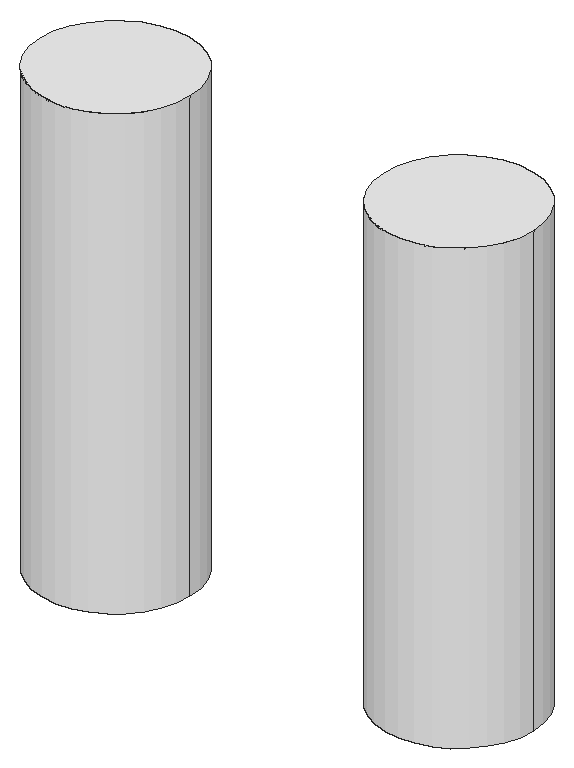
Revit family "65412009", category Plumbing Fixtures, Revit 2018
Family settings
  Round Connector Dimension = Use Diameter
  Part Type = Normal
  OmniClass Number = 23.45.55.00
  OmniClass Title = Sanitary Faucets, Wastes
  Work Plane-Based = No
  Always vertical = Yes
  Cut with Voids When Loaded = No
  Shared = No
  Room Calculation Point = No
Parameters (values of type "65412009 Washbasin faucet, 9/12 V, Bluetooth ")
  WorkingPressure = "50 - 1000 kPa"
  Working Pressure = "50 - 1000 kPa"
  WarrantyStartDate [instance] = "n/a"
  WarrantyGuarantorParts = "n/a"
  WarrantyGuarantorLabor = "n/a"
  WarrantyDurationUnit = "Year"
  WarrantyDurationParts = "n/a"
  WarrantyDurationLabor = "n/a"
  WarrantyDescription = "http://warranty.hansa.com"
  Warranty Information URL = "http://warranty.hansa.com"
  VersionDate = "01/07/2022"
  Version = "3"
  ValvePattern = "n/a"
  ValveOperation = "n/a"
  ValveMechanism = "n/a"
  Uniclass2015Reference = "Pr_40_20_87_96"
  Uniclass2015Description = "Washbasin manual water supply sets"
  Uniclass2 = "Pr_40_30_96_96"
  URL WEEE = "http://www.hansa.com/fileadmin/resources/153036_WEEE.pdf"
  URL REACH = "http://static.hansa.com/doc/reach"
  URL Declaration of Conformity = "http://static.hansa.com/DoC/65412009"
  URL = ""
  UNSPSC Class Number = "30181700 Faucets or taps"
  TestPressure = "n/a"
  Temperature Adjustments = "Adjustable hot water stop (included, retrofittable)"
  Temperature = "Temperature limiter (retrofittable)"
  Technical DataSheet URL = "http://www.hansa.com/datasheet/65412009/en"
  TagNumber [instance] = "n/a"
  SustainabilityPerformance = "n/a"
  Surface treatment = "Chrome"
  Spout Type = "Fixed spout"
  Spout Projection = "85 mm"
  Spare-Part Information URL = "http://static.hansa.com/sp/65412009"
  Size = "70x135x125 mm"
  Shape = "Sculptured"
  SerialNumber [instance] = "n/a"
  Sales Package dimensions (LxWxH) = "290 x 210 x 90"
  Revision = "2"
  ReplacementCost = "n/a"
  Protection Class = "IP 55 / transformer IP 20"
  ProductInformation = "n/a"
  Product URL = "http://static.hansa.com/65412009"
  Product Image URL = "http://static.hansa.com/image/65412009"
  Product Family = "HANSAFIT Eco+"
  Product Code = "65412009"
  OperatingMechanismMaterial = "n/a"
  Operating Voltage = 912 V
  Operating Distance = "20-130 mm (110/130/160 mm)"
  NominalWidth = 69.5 mm
  NominalHeight = 125 mm
  NominalDepth = 135 mm
  Name_en = "65412009 Washbasin faucet, 9/12 V, Bluetooth"
  Name = "65412009 Washbasin faucet, 9/12 V, Bluetooth"
  NBSReference = "45-35-70/371"
  NBSDescription = "Water supply fittings for wash basins and troughs"
  Mounting Holes = "1 hole"
  ModelReference = "65412009"
  ModelNumber = "n/a"
  Model = "65412009 Washbasin faucet, 9/12 V, Bluetooth"
  Mobile Product Information URL = "http://mpi.hansa.com/65412009"
  Mechanical Parts = "Mixing valve for manual temperature control;Non-return valve(s);Litter filter(s)"
  Max. Hot Water Supply = 70 °C
  Max Flow Period = "2 min (1 - 1800 s)"
  Material = "Brass"
  Market = "International;Germany;Austria;Belgium;Netherlands;France;Czech Republic;Slovakia;Italy;Spain"
  ManufacturerURL = "http://www.hansa.com"
  ManufacturerName = "HANSA"
  Manufacturer = "HANSA"
  Lever Handle = "Temperature control handle"
  Interactive AR View URL = "https://static.hansa.com/AR/65412009"
  InstallationDate [instance] = "n/a"
  Installation and Maintenance Guide URL = "http://static.hansa.com/manual/65412009"
  Installation Type = "Deck mounted"
  InletConnectionSize = 10 mm
  IfcExportType = "FAUCET"  # constant formula
  IfcExportAs = "IfcValveType"  # constant formula
  Group = "Washbasin faucet"
  Grade = "n/a"
  FlowCoefficient = 0
  Flow Rate At 300kPa With Flow Controller = 0.08 L/s
  Flow Drawing URL = "http://static.hansa.com/flowchart/65412009"
  Finish = "Polished"
  Features = "Touchless;Bluetooth®;Plug transformer"
  FaucetMainMaterial = Brass
  FDV Document URL = "http://www.hansa.com/datasheet/65412009/en/fdv"
  ExpectedLife = "n/a"
  Excluded Items = "Without pop-up waste;Without draw-rod opening"
  Electronic Parts = "Autofocus infrared sensor;Solenoid valve;Power supply"
  Electrical Connection = "230 / 9 V"
  ETIM Class Number = "EC010340 Electronic tap"
  EN Standard = "EN 15091"
  EMC Directive = "2014/53/EU , 2011/65/EU"
  EAN Number = "4057304014154"
  DurationUnit = "Year"
  Dimension Drawing URL = "http://static.hansa.com/dimdrw/65412009"
  Description = ""
  DefaultElevation [instance] = 900 mm
  Constituents = "Single lever"
  Connection Size = "G3/8"
  Connection = "Flexible inlet pipes"
  Color = "Chrome"
  CodePerformance = "n/a"
  CloseOffRating = 0
  Category = "Bathroom;Public & Semi-public"
  Catalog Drawing URL = "http://static.hansa.com/catdrw/65412009"
  Brand = "HANSA"
  BodyMaterial = "Brass"
  Bluetooth = "4.x"
  Barcode [instance] = "n/a"
  Backflow Prevention EN1717 = "AA"
  BIMObjectName = "65412009"
  Automatic Flush Period = "30 s (1-1800 s)"
  Automatic Flush Frequency = "off (off/1-120 h)"
  Author = "BIMStone"
  AssetType = "Fixed"
  AssetIdentifier [instance] = "n/a"
  Afterflow Period = "3 s (1-20 s)"
  Aerator = "Hidden aerator"
  Advanced Features = "Software settings adjustable via App"
  AccessibilityPerformance = "n/a"
  3D View = "https://static.hansa.com/3D/65412009"
  2D/3D/BIM Files URL = "http://static.hansa.com/bim/65412009"
Reference planes
  plane 1 "Center (Front/Back)": y = 0
  plane 2: z = 0
  plane 3 "Center (Left/Right)": x = 0
  plane 4: x = -30
  plane 5: z = 1025
  plane 6: z = 900
  plane 7: z = 870
  plane 8: y = -135
  plane 9: x = 30
  plane 10: x = 39.5
Forms (mm)
  Extrusion 1, solid, material "Brass" <- "FaucetMainMaterial"
    sketch origin (0, -7.523, 0) x (1, 0, 0) y (0, 1, 0)
      loop
        circle (-11.5, -22.5) r 5
      loop
        circle (11.5, -22.5) r 5
    from 870 to 900
Dimensions and locks
  "NominalHeight": plane 5 to plane 6
  "DefaultElevation": plane 6 to level
  locked: plane 6 to plane 7 at 30
  "NominalDepth": plane 8 to plane 1 "Center (Front/Back)"
  equal spacing: plane 4, plane 3 "Center (Left/Right)", plane 9
  "NominalWidth": plane 4 to plane 10
  locked: plane 9 to plane 10 at 9.5
  "InletConnectionSize": diameter of Extrusion 1 sketch curve  (x2)
  aligned and locked: level to plane 2
  aligned and locked: plane 6 to Extrusion 1
  aligned and locked: Extrusion 1 to plane 7
  aligned and locked: plane 3 "Center (Left/Right)" to nested 2
  aligned and locked: plane 1 "Center (Front/Back)" to nested 2
  aligned and locked: plane 3 "Center (Left/Right)" to nested 1
  aligned and locked: plane 1 "Center (Front/Back)" to nested 1
  aligned and locked: nested 2 to plane 6
Automatic sketch dimensions
  Extrusion 1 sketch curve to plane 3 "Center (Left/Right)" = 11.5 mm
  plane 3 "Center (Left/Right)" to Extrusion 1 sketch curve = 11.5 mm
  plane 1 "Center (Front/Back)" to Extrusion 1 sketch curve = 30.023 mm  (x2)
Nested families
  nested 1: "Symbol" at (0, 0, 0), type "Symbol", detail levels coarse
  nested 2: "65412009_p" at (0, 0, 900), Material <- "FaucetMainMaterial", type "65412009_p"
    with Material Brass
Connectors
  piping at (-11.5, -30.023, 870), diameter 10, driven by "InletConnectionSize"
    settings: on Extrusion 1, index 1, connector inside diameter 609.6 mm, connector length 0 mm, flow factor 0, pipe flow 0.08 L/s, pressure drop 0.0 Pa, fitting loss kfactor 0, connector angle 0.00°, fixture units 0, engagement length 0 mm, angle of deflection 0.00°, flow configuration 1, flow direction 1, fitting loss method 0, system type 19, joint type 0, gender type 0, connector reference index -1, connector utility 0, adjustable connector no, is connector primary yes, connector description ""
  piping at (11.5, -30.023, 870), diameter 10, driven by "InletConnectionSize"
    settings: on Extrusion 1, index 2, connector inside diameter 609.6 mm, connector length 0 mm, flow factor 0, pipe flow 0.08 L/s, pressure drop 0.0 Pa, fitting loss kfactor 0, connector angle 0.00°, fixture units 0, engagement length 0 mm, angle of deflection 0.00°, flow configuration 1, flow direction 1, fitting loss method 0, system type 20, joint type 0, gender type 0, connector reference index -1, connector utility 0, adjustable connector no, is connector primary no, connector description ""
Definition of nested family "Symbol"
  Reference planes
    plane 1: y = 0
    plane 2: x = 0
  Lines and regions (mm)
    detail lines
      curve 1: line (0, 0, 0) -> (0, -1.8, 0)
      curve 2: line (-0.4, -1.1, 0) -> (0.4, -1.1, 0)
      curve 3: line (-0.4, -1.4, 0) -> (0.4, -1.4, 0)
      curve 4: line (0.863, 0, 0) -> (-0.863, 0, 0)
      curve 5: circle (-1.163, 0, 0) r 0.3 normal (0, 0, -1)
      curve 6: circle (1.163, 0, 0) r 0.3 normal (0, 0, 1)
Definition of nested family "65412009_p"
  Parameters (values of type "65412009_p")
    Material [instance] = none
  Reference planes
    plane 1 "Center (Front/Back)": y = 0
    plane 2: z = 0
    plane 3 "Center (Left/Right)": x = 0
    plane 4: x = -30
    plane 5: z = 125
    plane 6: x = 39.5
    plane 7: x = 30
    plane 8: y = -135
  Forms (mm)
    Extrusion 1, solid, material <- "Material", detail levels medium
      sketch origin (0, 0, -900) x (0, 1, 0) y (0, 0, 1)
        loop
          line (0, 900) -> (-15.35, 1025) -> (-135, 987.771) -> (-104.1, 966.135) -> (-63.919, 974.771) -> (-60, 900) -> (0, 900)
      from -30 to 30
    Extrusion 2, solid, material <- "Material", detail levels medium
      sketch origin (0, 0, -900) x (0, 1, 0) y (0, 0, 1)
        loop
          arc (-39.299, 920.025) -> (-31.49, 910.287) -> (-23.681, 920.025) r 8
          line (-23.681, 920.025) -> (-27.649, 937.85) -> (-35.332, 937.85) -> (-39.299, 920.025)
      from 30 to 39.5
    Extrusion 3, solid, material <- "Material", detail levels coarse
      sketch origin (0, 0, -900) x (1, 0, 0) y (0, 1, 0)
        loop
          line (-30, 0) -> (-30, -135) -> (39.5, -135) -> (39.5, 0) -> (-30, 0)
      from 900 to 1025
  Cuts and joins
    joined: Extrusion 1, Extrusion 2
  Lines and regions (mm)
    symbolic lines, detail levels medium+fine
      curve 1: spline (13.943, -128.56, 0) -> (12.274, -130.409, 0) -> (10.26, -131.998, 0) -> (7.958, -133.284, 0) -> (5.433, -134.228, 0) -> (2.755, -134.806, 0) -> (0, -135, 0) -> (-2.755, -134.806, 0) -> (-5.433, -134.228, 0) -> (-7.958, -133.284, 0) -> (-10.26, -131.998, 0) -> (-12.274, -130.409, 0) -> (-13.943, -128.56, 0)
      curve 3: line (16.878, -121.158, 0) -> (22.087, -50.302, 0)
      curve 5: spline (16.878, -121.158, 0) -> (16.857, -121.813, 0) -> (16.794, -122.466, 0) -> (16.69, -123.116, 0) -> (16.543, -123.762, 0) -> (16.356, -124.4, 0) -> (16.128, -125.031, 0) -> (15.859, -125.652, 0) -> (15.552, -126.262, 0) -> (15.205, -126.859, 0) -> (14.821, -127.442, 0) -> (14.4, -128.009, 0) -> (13.943, -128.56, 0)
      curve 6: line (-22.087, -50.302, 0) -> (-16.878, -121.158, 0)
      curve 8: arc (22.087, -50.302, 0) -> (25.85, -45.224, 0) -> (28.466, -39.471, 0) r 30
      curve 9: spline (-13.943, -128.56, 0) -> (-14.4, -128.009, 0) -> (-14.821, -127.442, 0) -> (-15.205, -126.859, 0) -> (-15.552, -126.262, 0) -> (-15.859, -125.652, 0) -> (-16.128, -125.031, 0) -> (-16.356, -124.4, 0) -> (-16.543, -123.762, 0) -> (-16.69, -123.116, 0) -> (-16.794, -122.466, 0) -> (-16.857, -121.813, 0) -> (-16.878, -121.158, 0)
      curve 12: line (35.255, -39.471, 0) -> (28.466, -39.471, 0)
      curve 14: arc (29.281, -23.471, 0) -> (-13.889, -3.409, 0) -> (-22.087, -50.302, 0) r 30
      curve 16: spline (35.255, -39.471, 0) -> (36.353, -39.198, 0) -> (37.377, -38.399, 0) -> (38.257, -37.128, 0) -> (38.931, -35.471, 0) -> (39.355, -33.541, 0) -> (39.5, -31.471, 0) -> (39.355, -29.4, 0) -> (38.931, -27.471, 0) -> (38.257, -25.814, 0) -> (37.377, -24.543, 0) -> (36.353, -23.743, 0) -> (35.255, -23.471, 0)
      curve 18: line (29.281, -23.471, 0) -> (35.255, -23.471, 0)
      curve 19: line (-30, 0, 0) -> (30, 0, 0)
      curve 20: line (30, 0, 0) -> (29.204, 0, 10.488)
      curve 21: line (-22.5, 0, 98.82) -> (-30, 0, 0)
      curve 22: spline (22.5, 0, 98.82) -> (21.733, 0, 105.596) -> (19.486, 0, 111.91) -> (15.91, 0, 117.332) -> (11.25, 0, 121.493) -> (5.823, 0, 124.108) -> (0, 0, 125) -> (-5.823, 0, 124.108) -> (-11.25, 0, 121.493) -> (-15.91, 0, 117.332) -> (-19.486, 0, 111.91) -> (-21.733, 0, 105.596) -> (-22.5, 0, 98.82)
      curve 23: line (29.204, 0, 10.488) -> (37.5, 0, 10.488)
      curve 24: line (39.5, 0, 12.488) -> (39.5, 0, 37.221)
      curve 25: line (35.544, 0, 36.534) -> (32.425, 0, 26.331)
      curve 26: line (28.002, 0, 26.331) -> (32.425, 0, 26.331)
      curve 27: line (28.002, 0, 26.331) -> (22.5, 0, 98.82)
      curve 28: arc (37.5, 0, 10.488) -> (38.914, 0, 11.074) -> (39.5, 0, 12.488) r 2
      curve 29: arc (36.151, 0, 37.251) -> (35.774, 0, 36.955) -> (35.544, 0, 36.534) r 1.19
      curve 30: arc (38.767, 0, 37.924) -> (37.423, 0, 37.726) -> (36.151, 0, 37.251) r 6.452
      curve 31: arc (39.5, 0, 37.221) -> (39.284, 0, 37.729) -> (38.767, 0, 37.924) r 0.704
      curve 41: line (0, -0.016, 0) -> (0, -60, 0)
      curve 42: line (0, -60, 0) -> (0, -60.746, 14.227)
      curve 43: line (0, -71.326, 73.179) -> (0, -105.096, 65.921)
      curve 44: line (0, -134.147, 85.872) -> (0, -105.88, 66.079)
      curve 45: line (0, -133.586, 89.423) -> (0, -17.632, 124.95)
      curve 46: line (0, -15.06, 123.28) -> (0, -0.016, 0)
      curve 47: arc (0, -63.528, 67.325) -> (0, -66.059, 72.075) -> (0, -71.326, 73.179) r 6.354
      curve 48: arc (0, -134.147, 85.872) -> (0, -134.975, 87.823) -> (0, -133.586, 89.423) r 2
      curve 49: arc (0, -105.096, 65.921) -> (0, -105.504, 65.918) -> (0, -105.88, 66.079) r 1
      curve 50: arc (0, -17.632, 124.95) -> (0, -15.956, 124.715) -> (0, -15.06, 123.28) r 2
      curve 51: arc (0, -62.05, 39.118) -> (0, -63.158, 35.556) -> (0, -61.684, 32.128) r 5.385
      curve 52: arc (0, -61.112, 21.218) -> (0, -62.215, 17.655) -> (0, -60.746, 14.227) r 5.4
      curve 53: line (0, -61.112, 21.218) -> (0, -61.684, 32.128)
      curve 55: line (0, -62.05, 39.118) -> (0, -63.528, 67.325)
    symbolic lines, detail levels fine
      curve 2: line (-22.477, -44.998, 0) -> (-22.087, -50.302, 0)
      curve 4: spline (22.477, -44.998, 0) -> (21.711, -38.01, 0) -> (19.465, -31.498, 0) -> (15.893, -25.906, 0) -> (11.238, -21.615, 0) -> (5.817, -18.918, 0) -> (0, -17.998, 0) -> (-5.817, -18.918, 0) -> (-11.238, -21.615, 0) -> (-15.893, -25.906, 0) -> (-19.465, -31.498, 0) -> (-21.711, -38.01, 0) -> (-22.477, -44.998, 0)
      curve 7: line (22.087, -50.302, 0) -> (22.477, -44.998, 0)
      curve 10: spline (13.943, -128.56, 0) -> (12.226, -130.213, 0) -> (10.189, -131.629, 0) -> (7.885, -132.771, 0) -> (5.374, -133.609, 0) -> (2.723, -134.12, 0) -> (0, -134.292, 0) -> (-2.723, -134.12, 0) -> (-5.374, -133.609, 0) -> (-7.885, -132.771, 0) -> (-10.189, -131.629, 0) -> (-12.226, -130.213, 0) -> (-13.943, -128.56, 0)
      curve 11: line (27.518, -23.471, 0) -> (29.281, -23.471, 0)
      curve 13: arc (27.518, -23.471, 0) -> (28.244, -31.471, 0) -> (27.518, -39.471, 0) r 44.424
      curve 15: spline (35.255, -23.471, 0) -> (34.156, -23.743, 0) -> (33.132, -24.543, 0) -> (32.253, -25.814, 0) -> (31.578, -27.471, 0) -> (31.154, -29.4, 0) -> (31.009, -31.471, 0) -> (31.154, -33.541, 0) -> (31.578, -35.471, 0) -> (32.253, -37.128, 0) -> (33.132, -38.399, 0) -> (34.156, -39.198, 0) -> (35.255, -39.471, 0)
      curve 17: line (28.466, -39.471, 0) -> (27.518, -39.471, 0)
      curve 32: arc (28.002, 0, 26.331) -> (27.645, 0, 18.337) -> (29.204, 0, 10.488) r 33.318
      curve 33: circle (0, 0, 35.757) r 3.5 normal (0, -1, 0)
      curve 34: circle (0, 0, 17.806) r 3.5 normal (0, -1, 0)
      curve 35: spline (17.5, 0, 77.391) -> (16.904, 0, 80.471) -> (15.155, 0, 83.341) -> (12.374, 0, 85.806) -> (8.75, 0, 87.698) -> (4.529, 0, 88.886) -> (0, 0, 89.292) -> (-4.529, 0, 88.886) -> (-8.75, 0, 87.698) -> (-12.374, 0, 85.806) -> (-15.155, 0, 83.341) -> (-16.904, 0, 80.471) -> (-17.5, 0, 77.391) -> (-16.904, 0, 74.31) -> (-15.155, 0, 71.44) -> (-12.374, 0, 68.975) -> (-8.75, 0, 67.084) -> (-4.529, 0, 65.895) -> (0, 0, 65.489) -> (4.529, 0, 65.895) -> (8.75, 0, 67.084) -> (12.374, 0, 68.975) -> (15.155, 0, 71.44) -> (16.904, 0, 74.31) -> (17.5, 0, 77.391)
      curve 36: spline (16.04, 0, 77.391) -> (15.493, 0, 79.979) -> (13.891, 0, 82.391) -> (11.342, 0, 84.462) -> (8.02, 0, 86.051) -> (4.151, 0, 87.05) -> (0, 0, 87.391) -> (-4.151, 0, 87.05) -> (-8.02, 0, 86.051) -> (-11.342, 0, 84.462) -> (-13.891, 0, 82.391) -> (-15.493, 0, 79.979) -> (-16.04, 0, 77.391) -> (-15.493, 0, 74.802) -> (-13.891, 0, 72.391) -> (-11.342, 0, 70.319) -> (-8.02, 0, 68.73) -> (-4.151, 0, 67.731) -> (0, 0, 67.391) -> (4.151, 0, 67.731) -> (8.02, 0, 68.73) -> (11.342, 0, 70.319) -> (13.891, 0, 72.391) -> (15.493, 0, 74.802) -> (16.04, 0, 77.391)
      curve 37: spline (10.857, 0, 75.766) -> (10.487, 0, 77.3) -> (9.403, 0, 78.73) -> (7.677, 0, 79.958) -> (5.429, 0, 80.9) -> (2.81, 0, 81.492) -> (0, 0, 81.694) -> (-2.81, 0, 81.492) -> (-5.429, 0, 80.9) -> (-7.677, 0, 79.958) -> (-9.403, 0, 78.73) -> (-10.487, 0, 77.3) -> (-10.857, 0, 75.766) -> (-10.487, 0, 74.231) -> (-9.403, 0, 72.801) -> (-7.677, 0, 71.573) -> (-5.429, 0, 70.631) -> (-2.81, 0, 70.039) -> (0, 0, 69.837) -> (2.81, 0, 70.039) -> (5.429, 0, 70.631) -> (7.677, 0, 71.573) -> (9.403, 0, 72.801) -> (10.487, 0, 74.231) -> (10.857, 0, 75.766)
      curve 38: spline (7.476, 0, 75.766) -> (7.221, 0, 76.868) -> (6.474, 0, 77.896) -> (5.286, 0, 78.778) -> (3.738, 0, 79.455) -> (1.935, 0, 79.88) -> (0, 0, 80.026) -> (-1.935, 0, 79.88) -> (-3.738, 0, 79.455) -> (-5.286, 0, 78.778) -> (-6.474, 0, 77.896) -> (-7.221, 0, 76.868) -> (-7.476, 0, 75.766) -> (-7.221, 0, 74.663) -> (-6.474, 0, 73.636) -> (-5.286, 0, 72.753) -> (-3.738, 0, 72.076) -> (-1.935, 0, 71.651) -> (0, 0, 71.506) -> (1.935, 0, 71.651) -> (3.738, 0, 72.076) -> (5.286, 0, 72.753) -> (6.474, 0, 73.636) -> (7.221, 0, 74.663) -> (7.476, 0, 75.766)
      curve 39: line (-22.5, 0, 98.82) -> (-17.5, 0, 77.391)
      curve 40: line (22.5, 0, 98.82) -> (17.5, 0, 77.391)
      curve 54: line (0, -60.746, 14.227) -> (0, -61.112, 21.218)
      curve 56: line (0, -61.684, 32.128) -> (0, -62.05, 39.118)
  Dimensions and locks
    aligned and locked: level to plane 2
    aligned and locked: Extrusion 1 to plane 4
    aligned and locked: plane 6 to Extrusion 2
    aligned and locked: plane 5 to Extrusion 3
